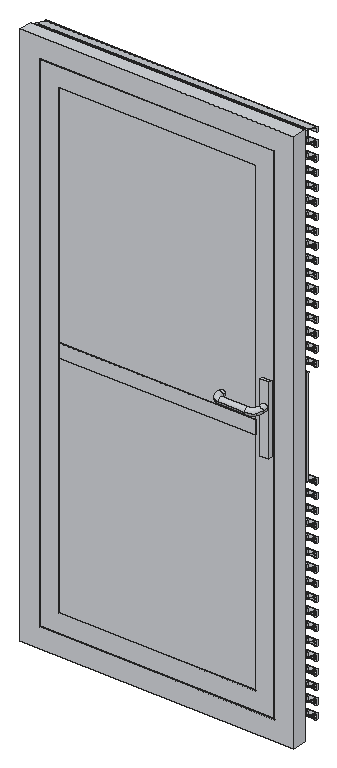
Revit family "NLRS_31_DO_WB_HF58-45 enkele deur-AV_jazo_jazo", category Doors, host Wall, Revit 2020 (continued)
Definition of nested family "NLRS_31_GM_UN_HF58-45 schoep-AV"
  Forms (mm)
    Extrusion 1, solid, material <- "NLRS_C_materiaal", visible <- "NLRS_C_zichtbaar_01"
      sketch origin (0, -15, -13.71) x (0, -1, 0) y (0, 0, -1)
        loop
          arc (-36.2, -25.088) -> (-35.3, -24.188) -> (-36.2, -23.288) r 0.9
          line (-36.2, -23.288) -> (-38.2, -23.288) -> (-38.2, -15.504)
      from -496 to 496
  Dimensions and locks
    equal spacing: plane 5 "Left", plane 3 "Center (Left/Right)", plane 6 "Right"
    "NLRS_C_breedte": plane 5 "Left" to plane 6 "Right"
    "NLRS_C_stelruimte_01": plane 8 "schoep r" to plane 6 "Right"
    "NLRS_C_stelruimte_01": plane 5 "Left" to plane 7 "schoep l"
    locked: plane 9 "achterkant schoep" to plane 11 "voorkant kozijn" at 11
    aligned and locked: level to plane 2 "Bottom"
    aligned and locked: plane 8 "schoep r" to Extrusion 1
    aligned and locked: Extrusion 1 to plane 7 "schoep l"
  Automatic sketch dimensions
    plane 11 "voorkant kozijn" to Extrusion 1 sketch curve = 61 mm
    Extrusion 1 sketch curve to Extrusion 1 sketch curve = 0.741 mm  (x2)
    Extrusion 1 sketch curve to Extrusion 1 sketch curve = 1 mm  (x2)
    Extrusion 1 sketch curve to Extrusion 1 sketch curve = 0.929 mm
    Extrusion 1 sketch curve to Extrusion 1 sketch curve = 0.8 mm
    Extrusion 1 sketch curve to Extrusion 1 sketch curve = 0 mm  (x2)
    Extrusion 1 sketch curve to Extrusion 1 sketch curve = 0.233 mm  (x3)
    Extrusion 1 sketch curve to Extrusion 1 sketch curve = 2 mm
    Extrusion 1 sketch curve to plane 4 "Top" = 0.671 mm
    plane 11 "voorkant kozijn" to Extrusion 1 sketch curve = 19.637 mm
    Extrusion 1 sketch curve to plane 4 "Top" = 2.41 mm
    Extrusion 1 sketch curve to Extrusion 1 sketch curve = 1.366 mm
    Extrusion 1 sketch curve to Extrusion 1 sketch curve = 0.005 mm
    Extrusion 1 sketch curve to plane 4 "Top" = 0.034 mm
    Extrusion 1 sketch curve to Extrusion 1 sketch curve = 0.541 mm
    Extrusion 1 sketch curve to Extrusion 1 sketch curve = 0.259 mm
    Extrusion 1 sketch curve to Extrusion 1 sketch curve = 0.902 mm
    Extrusion 1 sketch curve to Extrusion 1 sketch curve = 1.8 mm  (x3)
    Extrusion 1 sketch curve to Extrusion 1 sketch curve = 3.2 mm  (x2)
    Extrusion 1 sketch curve to Extrusion 1 sketch curve = 1.043 mm
    Extrusion 1 sketch curve to Extrusion 1 sketch curve = 3.961 mm
    Extrusion 1 sketch curve to Extrusion 1 sketch curve = 5.649 mm
    Extrusion 1 sketch curve to Extrusion 1 sketch curve = 1.865 mm
    Extrusion 1 sketch curve to Extrusion 1 sketch curve = 0.553 mm
    Extrusion 1 sketch curve to Extrusion 1 sketch curve = 0.238 mm
    Extrusion 1 sketch curve to Extrusion 1 sketch curve = 0.614 mm
    Extrusion 1 sketch curve to Extrusion 1 sketch curve = 7.719 mm
    Extrusion 1 sketch curve to Extrusion 1 sketch curve = 0.9 mm
    Extrusion 1 sketch curve to Extrusion 1 sketch curve = 7.784 mm
    Extrusion 1 sketch curve to Extrusion 1 sketch curve = 0.548 mm
    Extrusion 1 sketch curve to Extrusion 1 sketch curve = 0.894 mm
    Extrusion 1 sketch curve to plane 4 "Top" = 28.029 mm
Definition of nested family "NLRS_31_GM_UN_HF58-45 scharnier schoep-AV"
  Parameters (values of type "HF58-45 scharnier schoep")
    URL = "www.jazo.com"
    NLRS_C_zichtbaar_01 = yes
    NLRS_C_stelruimte_01 = 4 mm  # constant formula
    NLRS_C_materiaal = none
    NLRS_C_breedte_01 = 40 mm  # constant formula
    NLRS_C_breedte [instance] = 1000 mm
    Model = ""
    Manufacturer = "JAZO Zevenaar bv"
    Description = "HF58-45 scharnier schoep"
    Default Elevation = 0 mm
    Assembly Code = "23.30.60.11.17.11"
  Reference planes
    plane 1 "Center (Front/Back)": y = 0
    plane 2 "Bottom": z = 0
    plane 3 "Center (Left/Right)": x = 0
    plane 4 "Top": z = 48.706
    plane 5 "Left": x = -500
    plane 6 "Right": x = 500
    plane 7 "schoep l": x = -496
    plane 8 "schoep r": x = 496
    plane 9 "scharnier": x = -456
    plane 10 "achterkant schoep": y = -25
    plane 11 "voorkant schoep": y = 25
    plane 12 "voorkant kozijn": y = -36
  Forms (mm)
    Extrusion 1, solid, material <- "NLRS_C_materiaal", visible <- "NLRS_C_zichtbaar_01"
      sketch origin (0, -15, -13.71) x (0, -1, 0) y (0, 0, -1)
        loop
          arc (-38.2, -15.504) -> (-37.199, -14.544) -> (-38.329, -13.741) r 0.9
          line (-38.329, -13.741) -> (-39.259, -13.99)
          arc (-39.259, -13.99) -> (-39.793, -14.347) -> (-40, -14.956) r 1
          line (-40, -14.956) -> (-40, -33.421)
          arc (-40, -33.421) -> (-39.793, -34.03) -> (-39.259, -34.387) r 1
          line (-39.259, -34.387) -> (3.2, -45.764) -> (3.2, -60.374) -> (1.829, -60.006)
          arc (1.829, -60.006) -> (0.727, -60.643) -> (1.363, -61.745) r 0.9
          line (1.363, -61.745) -> (3.741, -62.382)
          arc (3.741, -62.382) -> (4.609, -62.21) -> (5, -61.416) r 1
          line (5, -61.416) -> (5, -56.412) -> (10, -56.412) -> (10, -51.412) -> (8.2, -51.412) -> (8.2, -54.612) -> (5, -54.612) -> (5, -43.109)
          arc (5, -43.109) -> (4.098, -42.413) -> (3.195, -43.109) r 0.933
          line (3.195, -43.109) -> (3.195, -43.899) -> (-38.2, -32.807) -> (-38.2, -25.088) -> (-36.2, -25.088)
          arc (-36.2, -25.088) -> (-35.3, -24.188) -> (-36.2, -23.288) r 0.9
          line (-36.2, -23.288) -> (-38.2, -23.288) -> (-38.2, -15.504)
      from -456 to 496
  Dimensions and locks
    equal spacing: plane 5 "Left", plane 3 "Center (Left/Right)", plane 6 "Right"
    "NLRS_C_breedte": plane 5 "Left" to plane 6 "Right"
    "NLRS_C_breedte_01": plane 7 "schoep l" to plane 9 "scharnier"
    "NLRS_C_stelruimte_01": plane 8 "schoep r" to plane 6 "Right"
    "NLRS_C_stelruimte_01": plane 5 "Left" to plane 7 "schoep l"
    locked: plane 10 "achterkant schoep" to plane 12 "voorkant kozijn" at 11
    aligned and locked: level to plane 2 "Bottom"
    aligned and locked: plane 8 "schoep r" to Extrusion 1
    aligned and locked: Extrusion 1 to plane 9 "scharnier"
  Automatic sketch dimensions
    plane 12 "voorkant kozijn" to Extrusion 1 sketch curve = 61 mm
    Extrusion 1 sketch curve to Extrusion 1 sketch curve = 0.741 mm  (x2)
    level to Extrusion 1 sketch curve = 0.28 mm
    Extrusion 1 sketch curve to Extrusion 1 sketch curve = 1 mm  (x2)
    Extrusion 1 sketch curve to Extrusion 1 sketch curve = 0.929 mm
    Extrusion 1 sketch curve to Extrusion 1 sketch curve = 0.8 mm
    Extrusion 1 sketch curve to Extrusion 1 sketch curve = 0 mm  (x2)
    Extrusion 1 sketch curve to Extrusion 1 sketch curve = 0.233 mm  (x3)
    Extrusion 1 sketch curve to Extrusion 1 sketch curve = 2 mm
    Extrusion 1 sketch curve to plane 4 "Top" = 0.671 mm
    Extrusion 1 sketch curve to Extrusion 1 sketch curve = 40.622 mm
    Extrusion 1 sketch curve to plane 4 "Top" = 2.41 mm
    Extrusion 1 sketch curve to Extrusion 1 sketch curve = 1.366 mm
    Extrusion 1 sketch curve to Extrusion 1 sketch curve = 0.005 mm
    Extrusion 1 sketch curve to plane 4 "Top" = 0.034 mm
    Extrusion 1 sketch curve to Extrusion 1 sketch curve = 0.541 mm
    Extrusion 1 sketch curve to Extrusion 1 sketch curve = 0.259 mm
    Extrusion 1 sketch curve to Extrusion 1 sketch curve = 0.902 mm
    Extrusion 1 sketch curve to plane 4 "Top" = 7.804 mm
    Extrusion 1 sketch curve to Extrusion 1 sketch curve = 1.8 mm  (x3)
    Extrusion 1 sketch curve to Extrusion 1 sketch curve = 3.2 mm  (x2)
    Extrusion 1 sketch curve to Extrusion 1 sketch curve = 1.043 mm
    Extrusion 1 sketch curve to Extrusion 1 sketch curve = 5.649 mm
    Extrusion 1 sketch curve to Extrusion 1 sketch curve = 1.865 mm
    Extrusion 1 sketch curve to Extrusion 1 sketch curve = 0.553 mm
    Extrusion 1 sketch curve to Extrusion 1 sketch curve = 0.79 mm
    Extrusion 1 sketch curve to Extrusion 1 sketch curve = 19.431 mm
    Extrusion 1 sketch curve to Extrusion 1 sketch curve = 0.614 mm
    Extrusion 1 sketch curve to Extrusion 1 sketch curve = 7.719 mm
    Extrusion 1 sketch curve to Extrusion 1 sketch curve = 0.9 mm
    Extrusion 1 sketch curve to Extrusion 1 sketch curve = 0.548 mm
    Extrusion 1 sketch curve to Extrusion 1 sketch curve = 0.894 mm
Definition of nested family "NLRS_31_GM_UN_HF58-45 beslag schoep-AV"
  Parameters (values of type "HF58-45 beslag schoep")
    URL = "www.jazo.com"
    NLRS_C_zichtbaar_01 = yes
    NLRS_C_stelruimte_01 = 4 mm  # constant formula
    NLRS_C_materiaal = none
    NLRS_C_breedte_01 = 275 mm  # constant formula
    NLRS_C_breedte [instance] = 1000 mm
    Model = ""
    Manufacturer = "JAZO Zevenaar bv"
    Description = "HF58-45 beslag schoep"
    Default Elevation = 0 mm
    Assembly Code = "23.30.60.11.17.11"
  Reference planes
    plane 1 "Center (Front/Back)": y = 0
    plane 2 "Bottom": z = 0
    plane 3 "Center (Left/Right)": x = 0
    plane 4 "Top": z = 48.706
    plane 5 "Left": x = -500
    plane 6 "Right": x = 500
    plane 7 "schoep l": x = -496
    plane 8 "schoep r": x = 496
    plane 9 "beslag": x = 221
    plane 10 "achterkant schoep": y = -25
    plane 11 "voorkant schoep": y = 25
    plane 12 "voorkant kozijn": y = -36
  Forms (mm)
    Extrusion 1, solid, material <- "NLRS_C_materiaal", visible <- "NLRS_C_zichtbaar_01"
      sketch origin (0, -15, -7.71) x (0, -1, 0) y (0, 0, -1)
        loop
          arc (-38.2, -9.504) -> (-37.199, -8.544) -> (-38.329, -7.741) r 0.9
          line (-38.329, -7.741) -> (-39.259, -7.99)
          arc (-39.259, -7.99) -> (-39.793, -8.347) -> (-40, -8.956) r 1
          line (-40, -8.956) -> (-40, -27.421)
          arc (-40, -27.421) -> (-39.793, -28.03) -> (-39.259, -28.387) r 1
          line (-39.259, -28.387) -> (3.2, -39.764) -> (3.2, -54.374) -> (1.829, -54.007)
          arc (1.829, -54.007) -> (0.727, -54.643) -> (1.363, -55.745) r 0.9
          line (1.363, -55.745) -> (3.741, -56.382)
          arc (3.741, -56.382) -> (4.609, -56.21) -> (5, -55.417) r 1
          line (5, -55.417) -> (5, -50.413) -> (10, -50.413) -> (10, -45.413) -> (8.2, -45.413) -> (8.2, -48.613) -> (5, -48.613) -> (5, -37.109)
          arc (5, -37.109) -> (4.098, -36.413) -> (3.195, -37.109) r 0.933
          line (3.195, -37.109) -> (3.195, -37.899) -> (-38.2, -26.807) -> (-38.2, -19.089) -> (-36.2, -19.089)
          arc (-36.2, -19.089) -> (-35.3, -18.189) -> (-36.2, -17.289) r 0.9
          line (-36.2, -17.289) -> (-38.2, -17.289) -> (-38.2, -9.504)
      from -496 to 221
  Dimensions and locks
    equal spacing: plane 5 "Left", plane 3 "Center (Left/Right)", plane 6 "Right"
    "NLRS_C_breedte": plane 5 "Left" to plane 6 "Right"
    "NLRS_C_breedte_01": plane 9 "beslag" to plane 8 "schoep r"
    "NLRS_C_stelruimte_01": plane 8 "schoep r" to plane 6 "Right"
    "NLRS_C_stelruimte_01": plane 5 "Left" to plane 7 "schoep l"
    locked: plane 10 "achterkant schoep" to plane 12 "voorkant kozijn" at 11
    aligned and locked: level to plane 2 "Bottom"
    aligned and locked: Extrusion 1 to plane 7 "schoep l"
    aligned and locked: plane 9 "beslag" to Extrusion 1
  Automatic sketch dimensions
    Extrusion 1 sketch curve to plane 11 "voorkant schoep" = 0 mm
    Extrusion 1 sketch curve to plane 10 "achterkant schoep" = 0 mm
    plane 11 "voorkant schoep" to Extrusion 1 sketch curve = 0.741 mm  (x2)
    Extrusion 1 sketch curve to Extrusion 1 sketch curve = 0.259 mm  (x2)
    Extrusion 1 sketch curve to Extrusion 1 sketch curve = 1 mm
    Extrusion 1 sketch curve to Extrusion 1 sketch curve = 0.8 mm  (x2)
    Extrusion 1 sketch curve to Extrusion 1 sketch curve = 2 mm
    Extrusion 1 sketch curve to Extrusion 1 sketch curve = 0.233 mm  (x3)
    plane 10 "achterkant schoep" to Extrusion 1 sketch curve = 8.637 mm
    plane 10 "achterkant schoep" to Extrusion 1 sketch curve = 6.805 mm
    Extrusion 1 sketch curve to Extrusion 1 sketch curve = 0.005 mm
    Extrusion 1 sketch curve to Extrusion 1 sketch curve = 2.378 mm
    Extrusion 1 sketch curve to Extrusion 1 sketch curve = 0.902 mm  (x2)
    Extrusion 1 sketch curve to Extrusion 1 sketch curve = 0 mm
    Extrusion 1 sketch curve to Extrusion 1 sketch curve = 1.8 mm  (x2)
    level to Extrusion 1 sketch curve = 0.031 mm
    Extrusion 1 sketch curve to Extrusion 1 sketch curve = 0.869 mm  (x2)
    Extrusion 1 sketch curve to Extrusion 1 sketch curve = 0.548 mm
    Extrusion 1 sketch curve to Extrusion 1 sketch curve = 0.9 mm
    Extrusion 1 sketch curve to Extrusion 1 sketch curve = 7.719 mm
    Extrusion 1 sketch curve to Extrusion 1 sketch curve = 0.614 mm
    Extrusion 1 sketch curve to Extrusion 1 sketch curve = 0.238 mm
    Extrusion 1 sketch curve to Extrusion 1 sketch curve = 0.79 mm
    Extrusion 1 sketch curve to Extrusion 1 sketch curve = 1.865 mm
    Extrusion 1 sketch curve to Extrusion 1 sketch curve = 5.649 mm
    Extrusion 1 sketch curve to Extrusion 1 sketch curve = 3.2 mm
    Extrusion 1 sketch curve to Extrusion 1 sketch curve = 4.463 mm
    Extrusion 1 sketch curve to Extrusion 1 sketch curve = 0.541 mm
    Extrusion 1 sketch curve to Extrusion 1 sketch curve = 0.367 mm
    Extrusion 1 sketch curve to Extrusion 1 sketch curve = 0.929 mm
    Extrusion 1 sketch curve to Extrusion 1 sketch curve = 7.784 mm
    Extrusion 1 sketch curve to plane 4 "Top" = 19.308 mm
Definition of nested family "NLRS_31_GM_UN_beslagbak HF58-45-AV"
  Parameters (values of type "beslagbak HF58-45")
    URL = "www.jazo.com"
    NLRS_C_diepte_01 = 50 mm
    NLRS_C_afstand = if(JAZO_C_enkele deur, 95 mm, if(JAZO_C_dubbele deur, 56 mm, 56 mm))  # 95 mm
    Model = ""
    Manufacturer = "JAZO Zevenaar bv"
    JAZO_C_opbouwrooster HF58 45 = yes
    JAZO_C_materiaal schoep = none
    JAZO_C_materiaal beslag = none
    JAZO_C_enkele deur = yes
    JAZO_C_dubbele deur = no
    Description = "Beslagbak HF58-45"
    Default Elevation = 0 mm
    Assembly Code = "23.30.40.31"
  Reference planes
    plane 1 "Center (Front/Back)": y = 0
    plane 2 "Bottom": z = 0
    plane 3 "Center (Left/Right)": x = 0
    plane 4 "Tussen": x = -179.999
    plane 5 "Right": x = 95
    plane 6 "Left": x = -240
    plane 7 "center hs42r": z = 280
    plane 8 "knop-kruk": x = 0
    plane 9 "stelruimte belsagbak": x = 99
    plane 10 "voorkant kozijn": y = -11
  Dimensions and locks
    plane 4 "Tussen" to plane 3 "Center (Left/Right)" = 179.999 mm
    plane 3 "Center (Left/Right)" to plane 5 "Right" = 95 mm
    plane 4 "Tussen" to plane 5 "Right" = 274.999 mm
    plane 6 "Left" to plane 4 "Tussen" = 60.001 mm
    "NLRS_C_afstand": plane 5 "Right" to plane 8 "knop-kruk"
    locked: plane 5 "Right" to plane 9 "stelruimte belsagbak" at 4
    locked: plane 10 "voorkant kozijn" to plane 1 "Center (Front/Back)" at 11
    aligned and locked: level to plane 2 "Bottom"
    aligned and locked: plane 7 "center hs42r" to nested 1
    aligned and locked: plane 8 "knop-kruk" to nested 1
    aligned and locked: plane 5 "Right" to nested 2
    aligned and locked: plane 1 "Center (Front/Back)" to nested 2
  Nested families
    nested 1: "NLRS_31_GM_UN_beslag opbouwrooster-AV" at (0, -11, 117), visible <- "JAZO_C_opbouwrooster HF58 45", type "beslag opbouwrooster"
    nested 2: "NLRS_31_GM_UN_beslagbak los HF58-45-AV" at (0, 0, 0), type "beslagbak HF58-45"
  Definition of nested family "NLRS_31_GM_UN_beslag opbouwrooster-AV"
    Parameters (values of type "beslag opbouwrooster")
      URL = "www.jazo.com"
      NLRS_C_materiaal = none
      NLRS_C_diepte_01 = 50 mm
      Model = ""
      Manufacturer = "Jazo Zevenaar bv"
      Description = "Beslag opbouwrooster"
      Default Elevation = 0 mm
      Assembly Code = "23.30.40.31"
    Reference planes
      plane 1 "Center (Front/Back)": y = 0
      plane 2 "Bottom": z = 0
      plane 3 "Center (Left/Right)": x = 0
      plane 4 "kruk": z = 163
      plane 5 "cilinder": z = 71.5
      plane 6 "achterkant kozijn": y = -50
      plane 7 "start beslag": y = 15
    Forms (mm)
      Extrusion 1, solid, material <- "NLRS_C_materiaal"
        sketch origin (0, 37, 0) x (1, 0, 0) y (0, 1, 0)
          loop
            line (-16, -10) -> (-16, -22) -> (16, -22) -> (16, -10) -> (-16, -10)
        from 0 to 251
      Extrusion 2, solid, material <- "NLRS_C_materiaal"
        sketch origin (0, 0, 0) x (1, 0, 0) y (0, 0, -1)
          loop
            circle (0, -163) r 11
        from 27 to 57
      Extrusion 3, solid, material <- "NLRS_C_materiaal"
        sketch origin (0, 0, 0) x (1, 0, 0) y (0, 0, -1)
          loop
            circle (0, -163) r 25
        from 57 to 73
      Sweep 4, solid, material <- "NLRS_C_materiaal"
        path origin (0, -4, 0) x (1, 0, 0) y (0, 1, 0)
          loop
            line (0, -58) -> (0, -80)
            arc (0, -80) -> (-7.249, -97.5) -> (-24.749, -104.749) r 24.749
            line (-24.749, -104.749) -> (-120.749, -104.749)
            arc (-120.749, -104.749) -> (-138.249, -97.5) -> (-145.497, -80) r 24.749
            line (-145.497, -80) -> (-145.497, -69)
        profile origin (0, -73, 0) x (1, 0, 0) y (0, 0, 1)
          loop
            circle (0, 163) r 11
      Extrusion 5, solid, material <- "NLRS_C_materiaal"
        sketch origin (0, -37, 0) x (1, 0, 0) y (0, 1, 0)
          loop
            line (-16, -25) -> (16, -25) -> (16, -13) -> (-16, -13) -> (-16, -25)
        from 0 to 251
    Dimensions and locks
      locked: plane 4 "kruk" to plane 2 "Bottom" at 163
      locked: plane 5 "cilinder" to plane 2 "Bottom" at 71.5
      locked: plane 7 "start beslag" to Extrusion 2 at 12
      locked: plane 7 "start beslag" to Extrusion 3 at 42
      locked: Extrusion 3 to plane 7 "start beslag" at 58
      locked: plane 1 "Center (Front/Back)" to plane 7 "start beslag" at 15
      "NLRS_C_diepte_01": plane 6 "achterkant kozijn" to plane 1 "Center (Front/Back)"
      aligned and locked: level to plane 2 "Bottom"
      aligned and locked: Extrusion 1 to plane 7 "start beslag"
      aligned and locked: Extrusion 2 to Extrusion 3
      aligned and locked: Extrusion 2 to Extrusion 1
    Automatic sketch dimensions
      Extrusion 1 sketch curve to plane 7 "start beslag" = 0 mm
      Extrusion 1 sketch curve to plane 3 "Center (Left/Right)" = 16 mm
      plane 3 "Center (Left/Right)" to Extrusion 1 sketch curve = 16 mm
      plane 7 "start beslag" to Extrusion 1 sketch curve = 12 mm
      Extrusion 2 sketch curve to plane 3 "Center (Left/Right)" = 0 mm
      Extrusion 2 sketch curve to plane 4 "kruk" = 0 mm
      Extrusion 3 sketch curve to plane 3 "Center (Left/Right)" = 0 mm
      Extrusion 3 sketch curve to plane 4 "kruk" = 0 mm
      Sweep 4 sketch curve to plane 3 "Center (Left/Right)" = 0 mm
      Sweep 4 sketch curve to plane 3 "Center (Left/Right)" = 24.749 mm
      Sweep 4 sketch curve to plane 6 "achterkant kozijn" = 58.749 mm
      Sweep 4 sketch curve to Sweep 4 sketch curve = 96 mm
      Sweep 4 sketch curve to Sweep 4 sketch curve = 24.749 mm
      Sweep 4 sketch curve to Sweep 4 sketch curve = 11 mm
      Sweep 4 sketch curve to plane 6 "achterkant kozijn" = 12 mm
      profile plane to Sweep 4 sketch curve = 0 mm
      profile plane to Sweep 4 sketch curve = 163 mm
      Extrusion 5 sketch curve to plane 6 "achterkant kozijn" = 0 mm
      Extrusion 5 sketch curve to plane 3 "Center (Left/Right)" = 16 mm
      plane 3 "Center (Left/Right)" to Extrusion 5 sketch curve = 16 mm
      Extrusion 5 sketch curve to Extrusion 5 sketch curve = 12 mm
      radius of Extrusion 2 sketch curve = 11 mm
      radius of Extrusion 3 sketch curve = 25 mm
      radius of Sweep 4 sketch curve = 11 mm
  Definition of nested family "NLRS_31_GM_UN_beslagbak los HF58-45-AV"
    Parameters (values of type "beslagbak HF58-45")
      URL = "www.jazo.com"
      NLRS_C_materiaal = none
      Model = ""
      Manufacturer = "JAZO Zevenaar bv"
      Description = "Beslagbak HF58-45"
      Default Elevation = 0 mm
      Assembly Code = "23.30.4031"
    Reference planes
      plane 1 "Center (Front/Back)": y = 0
      plane 2 "Bottom": z = 0
      plane 3 "Center (Left/Right)": x = 0
      plane 4 "Tussen": x = -180
      plane 5 "Right": x = 95
      plane 6 "Left": x = -240
      plane 7 "mid": x = -212
    Forms (mm)
      Extrusion 1, solid, material <- "NLRS_C_materiaal"
        sketch origin (0, 0, 67.049) x (0, 1, 0) y (0, 0, 1)
          loop
            line (1.8, 326.548) -> (1.8, -27.789) -> (48.2, -40.222) -> (48.2, -47.941) -> (46.2, -47.941)
            arc (46.2, -47.941) -> (45.3, -48.841) -> (46.2, -49.741) r 0.9
            line (46.2, -49.741) -> (48.2, -49.741) -> (48.2, -57.525)
            arc (48.2, -57.525) -> (47.199, -58.485) -> (48.329, -59.289) r 0.9
            line (48.329, -59.289) -> (49.259, -59.04)
            arc (49.259, -59.04) -> (49.793, -58.683) -> (50, -58.074) r 1
            line (50, -58.074) -> (50, -39.608)
            arc (50, -39.608) -> (49.793, -39) -> (49.259, -38.643) r 1
            line (49.259, -38.643) -> (4, -26.515) -> (4, 324.095) -> (8.171, 322.977)
            arc (8.171, 322.977) -> (9.273, 323.613) -> (8.637, 324.716) r 0.9
            line (8.637, 324.716) -> (1.8, 326.548)
        from 95 to -180
      Extrusion 2, solid, material <- "NLRS_C_materiaal"
        sketch origin (0, 1.8, 0) x (1, 0, 0) y (0, 1, 0)
          loop
            line (-240, 0) -> (-240, -9)
            arc (-240, -9) -> (-239.414, -10.414) -> (-238, -11) r 2
            line (-238, -11) -> (-212, -11)
            arc (-212, -11) -> (-210.586, -10.414) -> (-210, -9) r 2
            line (-210, -9) -> (-210, -2.014)
            arc (-210, -2.014) -> (-209.41, -0.59) -> (-207.986, 0) r 2.014
            line (-207.986, 0) -> (-180, 0) -> (-180, 2.2) -> (-207.786, 2.2)
            arc (-207.786, 2.2) -> (-210.766, 0.966) -> (-212, -2.014) r 4.214
            line (-212, -2.014) -> (-212, -9) -> (-238, -9) -> (-238, 0) -> (-240, 0)
        from 391.144 to 39.26
      Extrusion 3, void
        sketch origin (0, 0, 0) x (0, 1, 0) y (0, 0, 1)
          loop
            line (-0.5, 386.932) -> (-0.5, 380.932) -> (1.8, 380.932) -> (1.8, 384.132) -> (5, 384.132) -> (5, 386.932) -> (-0.5, 386.932)
        from -180 to -240.5
      Extrusion 4, void
        sketch origin (0, 0, -48) x (0, 1, 0) y (0, 0, 1)
          loop
            line (-0.5, 386.932) -> (-0.5, 380.932) -> (1.8, 380.932) -> (1.8, 384.132) -> (5, 384.132) -> (5, 386.932) -> (-0.5, 386.932)
        from -180 to -240.5
      Extrusion 5, void
        sketch origin (0, 0, -96) x (0, 1, 0) y (0, 0, 1)
          loop
            line (-0.5, 386.932) -> (-0.5, 380.932) -> (1.8, 380.932) -> (1.8, 384.132) -> (5, 384.132) -> (5, 386.932) -> (-0.5, 386.932)
        from -180 to -240.5
      Extrusion 6, void
        sketch origin (0, 0, -144) x (0, 1, 0) y (0, 0, 1)
          loop
            line (-0.5, 386.932) -> (-0.5, 380.932) -> (1.8, 380.932) -> (1.8, 384.132) -> (5, 384.132) -> (5, 386.932) -> (-0.5, 386.932)
        from -180 to -240.5
      Extrusion 7, void
        sketch origin (0, 0, -192) x (0, 1, 0) y (0, 0, 1)
          loop
            line (-0.5, 386.932) -> (-0.5, 380.932) -> (1.8, 380.932) -> (1.8, 384.132) -> (5, 384.132) -> (5, 386.932) -> (-0.5, 386.932)
        from -180 to -240.5
      Extrusion 8, void
        sketch origin (0, 0, -240) x (0, 1, 0) y (0, 0, 1)
          loop
            line (-0.5, 386.932) -> (-0.5, 380.932) -> (1.8, 380.932) -> (1.8, 384.132) -> (5, 384.132) -> (5, 386.932) -> (-0.5, 386.932)
        from -180 to -240.5
      Extrusion 9, void
        sketch origin (0, 0, -288) x (0, 1, 0) y (0, 0, 1)
          loop
            line (-0.5, 386.932) -> (-0.5, 380.932) -> (1.8, 380.932) -> (1.8, 384.132) -> (5, 384.132) -> (5, 386.932) -> (-0.5, 386.932)
        from -180 to -240.5
      Extrusion 10, void
        sketch origin (0, 0, -336) x (0, 1, 0) y (0, 0, 1)
          loop
            line (-0.5, 386.932) -> (-0.5, 380.932) -> (1.8, 380.932) -> (1.8, 384.132) -> (5, 384.132) -> (5, 386.932) -> (-0.5, 386.932)
        from -180 to -240.5
      Extrusion 11, solid, material <- "NLRS_C_materiaal"
        sketch origin (-333, 0, 67.049) x (0, 1, 0) y (0, 0, 1)
          loop
            line (1.8, 317.083) -> (1.8, 269.083) -> (1.8, 221.083) -> (1.8, 173.083) -> (1.8, 125.083) -> (1.8, 77.083) -> (1.8, 29.083) -> (1.8, -16.117) -> (1.8, -27.789) -> (4.5, -28.513) -> (4.5, -16.117) -> (4.5, -11.613)
            arc (4.5, -11.613) -> (5.087, -10.423) -> (6.388, -10.164) r 1.5
            line (6.388, -10.164) -> (8.766, -10.801)
            arc (8.766, -10.801) -> (9.616, -11.454) -> (9.756, -12.516) r 1.4
            line (9.756, -12.516) -> (47.7, -9.076) -> (47.7, -2.241) -> (46.2, -2.241)
            arc (46.2, -2.241) -> (44.8, -0.841) -> (46.2, 0.559) r 1.4
            line (46.2, 0.559) -> (47.7, 0.559) -> (47.7, 7.394) -> (7.332, 18.211)
            arc (7.332, 18.211) -> (5.998, 16.887) -> (4.5, 18.022) r 1.433
            line (4.5, 18.022) -> (4.5, 31.883) -> (4.5, 36.387)
            arc (4.5, 36.387) -> (5.087, 37.577) -> (6.388, 37.836) r 1.5
            line (6.388, 37.836) -> (8.766, 37.199)
            arc (8.766, 37.199) -> (9.616, 36.546) -> (9.756, 35.484) r 1.4
            line (9.756, 35.484) -> (47.7, 38.924) -> (47.7, 45.759) -> (46.2, 45.759)
            arc (46.2, 45.759) -> (44.8, 47.159) -> (46.2, 48.559) r 1.4
            line (46.2, 48.559) -> (47.7, 48.559) -> (47.7, 55.394) -> (7.332, 66.211)
            arc (7.332, 66.211) -> (5.998, 64.887) -> (4.5, 66.022) r 1.433
            line (4.5, 66.022) -> (4.5, 79.883) -> (4.5, 84.387)
            arc (4.5, 84.387) -> (5.087, 85.577) -> (6.388, 85.836) r 1.5
            line (6.388, 85.836) -> (8.766, 85.199)
            arc (8.766, 85.199) -> (9.616, 84.546) -> (9.756, 83.484) r 1.4
            line (9.756, 83.484) -> (47.7, 86.924) -> (47.7, 93.759) -> (46.2, 93.759)
            arc (46.2, 93.759) -> (44.8, 95.159) -> (46.2, 96.559) r 1.4
            line (46.2, 96.559) -> (47.7, 96.559) -> (47.7, 103.394) -> (7.332, 114.211)
            arc (7.332, 114.211) -> (5.998, 112.887) -> (4.5, 114.022) r 1.433
            line (4.5, 114.022) -> (4.5, 127.883) -> (4.5, 132.387)
            arc (4.5, 132.387) -> (5.087, 133.577) -> (6.388, 133.836) r 1.5
            line (6.388, 133.836) -> (8.766, 133.199)
            arc (8.766, 133.199) -> (9.616, 132.546) -> (9.756, 131.484) r 1.4
            line (9.756, 131.484) -> (47.7, 134.924) -> (47.7, 141.759) -> (46.2, 141.759)
            arc (46.2, 141.759) -> (44.8, 143.159) -> (46.2, 144.559) r 1.4
            line (46.2, 144.559) -> (47.7, 144.559) -> (47.7, 151.394) -> (7.332, 162.211)
            arc (7.332, 162.211) -> (5.998, 160.887) -> (4.5, 162.022) r 1.433
            line (4.5, 162.022) -> (4.5, 173.083) -> (4.5, 180.387)
            arc (4.5, 180.387) -> (5.087, 181.577) -> (6.388, 181.836) r 1.5
            line (6.388, 181.836) -> (8.766, 181.199)
            arc (8.766, 181.199) -> (9.616, 180.546) -> (9.756, 179.484) r 1.4
            line (9.756, 179.484) -> (47.7, 182.924) -> (47.7, 189.759) -> (46.2, 189.759)
            arc (46.2, 189.759) -> (44.8, 191.159) -> (46.2, 192.559) r 1.4
            line (46.2, 192.559) -> (47.7, 192.559) -> (47.7, 199.394) -> (7.332, 210.211)
            arc (7.332, 210.211) -> (5.998, 208.887) -> (4.5, 210.022) r 1.433
            line (4.5, 210.022) -> (4.5, 223.883) -> (4.5, 228.387)
            arc (4.5, 228.387) -> (5.087, 229.577) -> (6.388, 229.836) r 1.5
            line (6.388, 229.836) -> (8.766, 229.199)
            arc (8.766, 229.199) -> (9.616, 228.546) -> (9.756, 227.484) r 1.4
            line (9.756, 227.484) -> (47.7, 230.924) -> (47.7, 237.759) -> (46.2, 237.759)
            arc (46.2, 237.759) -> (44.8, 239.159) -> (46.2, 240.559) r 1.4
            line (46.2, 240.559) -> (47.7, 240.559) -> (47.7, 247.394) -> (7.332, 258.211)
            arc (7.332, 258.211) -> (5.998, 256.887) -> (4.5, 258.022) r 1.433
            line (4.5, 258.022) -> (4.5, 271.883) -> (4.5, 276.387)
            arc (4.5, 276.387) -> (5.087, 277.577) -> (6.388, 277.836) r 1.5
            line (6.388, 277.836) -> (8.766, 277.199)
            arc (8.766, 277.199) -> (9.616, 276.546) -> (9.756, 275.484) r 1.4
            line (9.756, 275.484) -> (47.7, 278.924) -> (47.7, 285.759) -> (46.2, 285.759)
            arc (46.2, 285.759) -> (44.8, 287.159) -> (46.2, 288.559) r 1.4
            line (46.2, 288.559) -> (47.7, 288.559) -> (47.7, 295.394) -> (7.332, 306.211)
            arc (7.332, 306.211) -> (5.998, 304.887) -> (4.5, 306.022) r 1.433
            line (4.5, 306.022) -> (4.5, 317.083) -> (1.8, 317.083)
        from 95 to 93
    Cuts and joins
      Extrusion 3, Extrusion 4, Extrusion 5, Extrusion 6, Extrusion 7, Extrusion 8, Extrusion 9, Extrusion 10 cuts Extrusion 1
      Extrusion 3, Extrusion 4, Extrusion 5, Extrusion 6, Extrusion 7, Extrusion 8, Extrusion 9, Extrusion 10 cuts Extrusion 2
      joined: Extrusion 1, Extrusion 2, Extrusion 11
    Dimensions and locks
      plane 4 "Tussen" to plane 3 "Center (Left/Right)" = 180 mm
      plane 3 "Center (Left/Right)" to plane 5 "Right" = 95 mm
      plane 4 "Tussen" to plane 5 "Right" = 275 mm
      plane 6 "Left" to plane 4 "Tussen" = 60 mm
      locked: plane 7 "mid" to plane 4 "Tussen" at 32
      equal spacing: group 1, group 2, group 3, group 4, group 5, group 6, group 7, group 8  (x2)
      equal spacing: group 8, group 7, group 6, group 5, group 4, group 3, group 2, group 1
      aligned and locked: level to plane 2 "Bottom"
      aligned and locked: Extrusion 1 to plane 5 "Right"
      aligned and locked: Extrusion 1 to plane 4 "Tussen"
    Automatic sketch dimensions
      Extrusion 1 sketch curve to plane 1 "Center (Front/Back)" = 8.404 mm
      Extrusion 1 sketch curve to Extrusion 1 sketch curve = 0.233 mm  (x3)
      level to Extrusion 1 sketch curve = 390.896 mm
      Extrusion 1 sketch curve to Extrusion 1 sketch curve = 0.869 mm
      Extrusion 1 sketch curve to plane 1 "Center (Front/Back)" = 1.8 mm
      Extrusion 1 sketch curve to Extrusion 1 sketch curve = 1.832 mm
      Extrusion 1 sketch curve to Extrusion 1 sketch curve = 2.453 mm
      level to Extrusion 1 sketch curve = 39.26 mm
      level to Extrusion 1 sketch curve = 26.827 mm
      Extrusion 1 sketch curve to Extrusion 1 sketch curve = 1.059 mm
      Extrusion 1 sketch curve to Extrusion 1 sketch curve = 1.58 mm
      Extrusion 1 sketch curve to Extrusion 1 sketch curve = 0.259 mm  (x2)
      Extrusion 1 sketch curve to Extrusion 1 sketch curve = 0.966 mm
      Extrusion 1 sketch curve to Extrusion 1 sketch curve = 7.719 mm
      Extrusion 1 sketch curve to Extrusion 1 sketch curve = 1 mm
      Extrusion 1 sketch curve to Extrusion 1 sketch curve = 1.8 mm
      Extrusion 1 sketch curve to Extrusion 1 sketch curve = 2 mm  (x2)
      Extrusion 1 sketch curve to Extrusion 1 sketch curve = 2.2 mm
      Extrusion 1 sketch curve to Extrusion 1 sketch curve = 1.274 mm
      Extrusion 3 sketch curve to Extrusion 3 sketch curve = 3.2 mm  (x2)
      Extrusion 3 sketch curve to Extrusion 3 sketch curve = 2.8 mm
      Extrusion 3 sketch curve to Extrusion 3 sketch curve = 2.3 mm
      Extrusion 4 sketch curve to Extrusion 4 sketch curve = 3.2 mm  (x2)
      Extrusion 4 sketch curve to Extrusion 4 sketch curve = 2.8 mm
      Extrusion 4 sketch curve to Extrusion 4 sketch curve = 2.3 mm
      Extrusion 5 sketch curve to Extrusion 5 sketch curve = 3.2 mm  (x2)
      Extrusion 5 sketch curve to Extrusion 5 sketch curve = 2.8 mm
      Extrusion 5 sketch curve to Extrusion 5 sketch curve = 2.3 mm
      Extrusion 6 sketch curve to Extrusion 6 sketch curve = 3.2 mm  (x2)
      Extrusion 6 sketch curve to Extrusion 6 sketch curve = 2.8 mm
      Extrusion 6 sketch curve to Extrusion 6 sketch curve = 2.3 mm
      Extrusion 7 sketch curve to Extrusion 7 sketch curve = 3.2 mm  (x2)
      Extrusion 7 sketch curve to Extrusion 7 sketch curve = 2.8 mm
      Extrusion 7 sketch curve to Extrusion 7 sketch curve = 2.3 mm
      Extrusion 8 sketch curve to Extrusion 8 sketch curve = 3.2 mm  (x2)
      Extrusion 8 sketch curve to Extrusion 8 sketch curve = 2.8 mm
      Extrusion 8 sketch curve to Extrusion 8 sketch curve = 2.3 mm
      Extrusion 9 sketch curve to Extrusion 9 sketch curve = 3.2 mm  (x2)
      Extrusion 9 sketch curve to Extrusion 9 sketch curve = 2.8 mm
      Extrusion 9 sketch curve to Extrusion 9 sketch curve = 2.3 mm
      Extrusion 10 sketch curve to Extrusion 10 sketch curve = 3.2 mm  (x2)
      Extrusion 10 sketch curve to Extrusion 10 sketch curve = 2.8 mm
      Extrusion 10 sketch curve to Extrusion 10 sketch curve = 2.3 mm
      Extrusion 2 sketch curve to plane 6 "Left" = 0 mm
      Extrusion 2 sketch curve to plane 7 "mid" = 0 mm  (x2)
      Extrusion 2 sketch curve to plane 4 "Tussen" = 0 mm
      Extrusion 2 sketch curve to Extrusion 2 sketch curve = 2 mm  (x3)
      plane 1 "Center (Front/Back)" to Extrusion 2 sketch curve = 0.214 mm
      Extrusion 2 sketch curve to plane 1 "Center (Front/Back)" = 1.8 mm  (x2)
      Extrusion 2 sketch curve to Extrusion 2 sketch curve = 0.2 mm
      plane 1 "Center (Front/Back)" to Extrusion 2 sketch curve = 7.2 mm
      Extrusion 2 sketch curve to Extrusion 2 sketch curve = 0 mm  (x2)
      Extrusion 1 sketch curve to Extrusion 1 sketch curve = 0.548 mm
      Extrusion 1 sketch curve to plane 1 "Center (Front/Back)" = 46.2 mm
      Extrusion 1 sketch curve to Extrusion 1 sketch curve = 0.104 mm
      Extrusion 1 sketch curve to Extrusion 1 sketch curve = 0.894 mm
      level to Extrusion 1 sketch curve = 7.761 mm
      Extrusion 11 sketch curve to plane 1 "Center (Front/Back)" = 1.8 mm
      Extrusion 11 sketch curve to plane 1 "Center (Front/Back)" = 4.5 mm
      Extrusion 11 sketch curve to Extrusion 11 sketch curve = 2.7 mm  (x7)
      Extrusion 11 sketch curve to Extrusion 11 sketch curve = 1.402 mm  (x7)
      Extrusion 11 sketch curve to Extrusion 11 sketch curve = 1.5 mm  (x21)
      Extrusion 11 sketch curve to Extrusion 11 sketch curve = 0.388 mm  (x7)
      Extrusion 11 sketch curve to Extrusion 11 sketch curve = 1.429 mm  (x7)
      Extrusion 11 sketch curve to Extrusion 11 sketch curve = 2.404 mm  (x7)
      Extrusion 11 sketch curve to Extrusion 11 sketch curve = 0.362 mm  (x14)
      Extrusion 11 sketch curve to Extrusion 11 sketch curve = 1.352 mm  (x7)
      Extrusion 11 sketch curve to Extrusion 11 sketch curve = 36.444 mm  (x6)
      level to Extrusion 11 sketch curve = 38.536 mm
      Extrusion 11 sketch curve to Extrusion 11 sketch curve = 0.723 mm
      Extrusion 11 sketch curve to Extrusion 11 sketch curve = 11.673 mm
      Extrusion 11 sketch curve to Extrusion 11 sketch curve = 0 mm  (x2)
      Extrusion 11 sketch curve to Extrusion 11 sketch curve = 3.601 mm  (x6)
      Extrusion 11 sketch curve to Extrusion 11 sketch curve = 0.541 mm  (x7)
      Extrusion 11 sketch curve to Extrusion 11 sketch curve = 3.44 mm
      Extrusion 11 sketch curve to Extrusion 11 sketch curve = 6.835 mm  (x14)
      Extrusion 11 sketch curve to Extrusion 11 sketch curve = 1.4 mm  (x7)
      Extrusion 11 sketch curve to Extrusion 11 sketch curve = 28.186 mm  (x7)
      Extrusion 11 sketch curve to Extrusion 11 sketch curve = 0.189 mm  (x7)
      Extrusion 11 sketch curve to Extrusion 11 sketch curve = 11.061 mm  (x7)
      Extrusion 11 sketch curve to Extrusion 11 sketch curve = 2.8 mm  (x5)
      Extrusion 11 sketch curve to Extrusion 11 sketch curve = 31.53 mm  (x6)
      Extrusion 11 sketch curve to Extrusion 11 sketch curve = 6.401 mm
      Extrusion 11 sketch curve to Extrusion 11 sketch curve = 1.449 mm
Definition of nested family "NLRS_31_GM_UN_aluminium kozijn-AV"
  Parameters (values of type "aluminium kozijn")
    URL = "www.jazo.com"
    NLRS_C_zichtbaar_01 = no
    NLRS_C_materiaal = none
    NLRS_C_hoogte = 2000 mm
    NLRS_C_diepte = 50 mm
    NLRS_C_breedte = 1000 mm
    Model = "Aluminium kozijn"
    Manufacturer = "JAZO Zevenaar bv"
    Description = "Aluminium kozijn"
    Default Elevation = 0 mm
    Assembly Code = "23.30.10.11.11"
  Reference planes
    plane 1 "Center (Front/Back)": y = 0
    plane 2 "Bottom": z = 0
    plane 3 "Center (Left/Right)": x = 0
    plane 4 "Left": x = -500
    plane 5 "Right": x = 500
    plane 6 "Top": z = 2000
    plane 7 "voorkant kozijn": y = 25
    plane 8 "offset": y = 0
    plane 9 "achterkant kozijn": y = -25
    plane 10 "offset links 1": x = -480
    plane 11 "offset boven": z = 1980
    plane 12 "offset rechts 1": x = 480
    plane 13 "offset links 2": x = -448
    plane 14 "offset rechts 2": x = 448
  Forms (mm)
    Sweep 1, solid, material <- "NLRS_C_materiaal", visible <- "NLRS_C_zichtbaar_01"
      path origin (0, 0, 0) x (1, 0, 0) y (0, 0, 1)
        loop
          line (-500, 0) -> (500, 0) -> (500, 2000) -> (-500, 2000) -> (-500, 0)
      profile origin (0, 0, 0) x (0, 0, 1) y (0, -1, 0)
        loop
          line (0, 30) -> (0, -30) -> (20, -30) -> (20, 4.5) -> (52, 4.5) -> (52, 30) -> (0, 30)
    Sweep 2, solid, material <- "NLRS_C_materiaal", visible <- "NLRS_C_zichtbaar_01"
      path origin (0, 0, 0) x (1, 0, 0) y (0, 0, 1)
        loop
          line (-480, 1980) -> (480, 1980)
      profile origin (0, 0, 1980) x (0, 0, 1) y (0, -1, 0)
        loop
          line (0, 4.5) -> (-2, 4.5) -> (-2, -30) -> (-4.657, -39.654)
          arc (-4.657, -39.654) -> (-5.372, -40.723) -> (-6.589, -41.137) r 2
          line (-6.589, -41.137) -> (-13.04, -41.137) -> (-13.04, -43.137) -> (-6.589, -43.137)
          arc (-6.589, -43.137) -> (-4.154, -42.31) -> (-2.726, -40.172) r 4
          line (-2.726, -40.172) -> (0, -30) -> (0, 4.5)
  Lines and regions (mm)
    symbolic lines, visible <- "NLRS_C_zichtbaar_01"
      curve 1: line (-448, -25, 0) -> (448, -25, 0)
      curve 2: line (-480, 25, 0) -> (480, 25, 0)
      curve 3: line (0, 25, 1980) -> (0, 25, 20)
      curve 4: line (0, -25, 52) -> (0, -25, 1948)
      curve 5: line (-448, -4.5, 0) -> (448, -4.5, 0)
  Dimensions and locks
    "NLRS_C_hoogte": plane 6 "Top" to plane 2 "Bottom"
    "NLRS_C_breedte": plane 4 "Left" to plane 5 "Right"
    equal spacing: plane 4 "Left", plane 3 "Center (Left/Right)", plane 5 "Right"
    "NLRS_C_diepte": plane 7 "voorkant kozijn" to plane 9 "achterkant kozijn"
    equal spacing: plane 7 "voorkant kozijn", plane 1 "Center (Front/Back)", plane 9 "achterkant kozijn"
    locked: plane 4 "Left" to plane 10 "offset links 1" at 20
    locked: plane 6 "Top" to plane 11 "offset boven" at 20
    plane 12 "offset rechts 1" to plane 5 "Right" = 20 mm
    locked: plane 10 "offset links 1" to plane 13 "offset links 2" at 32
    locked: plane 14 "offset rechts 2" to plane 12 "offset rechts 1" at 32
    aligned and locked: level to plane 2 "Bottom"
    aligned and locked: plane 9 "achterkant kozijn" to nested 3
    aligned and locked: nested 4 to plane 9 "achterkant kozijn"
    aligned and locked: nested 1 to plane 9 "achterkant kozijn"
    aligned and locked: plane 9 "achterkant kozijn" to nested 2
    aligned and locked: Sweep 1 sketch curve to plane 6 "Top"
    aligned and locked: plane 5 "Right" to Sweep 1 sketch curve
    aligned and locked: Sweep 1 sketch curve to plane 4 "Left"
    aligned and locked: level to Sweep 1 sketch curve
    aligned and locked: plane 5 "Right" to nested 2
    aligned and locked: plane 4 "Left" to nested 1
    aligned and locked: plane 6 "Top" to nested 3
    aligned and locked: plane 2 "Bottom" to nested 4
    aligned and locked: Sweep 2 sketch curve to plane 11 "offset boven"
    aligned and locked: plane 12 "offset rechts 1" to Sweep 2 sketch curve
    aligned and locked: plane 10 "offset links 1" to Sweep 2 sketch curve
    aligned and locked: curve 1 to plane 9 "achterkant kozijn"
    aligned and locked: curve 2 to plane 7 "voorkant kozijn"
    aligned and locked: plane 11 "offset boven" to Sweep 2
    aligned and locked: plane 7 "voorkant kozijn" to curve 3
    aligned and locked: curve 4 to plane 9 "achterkant kozijn"
  Automatic sketch dimensions
    Sweep 1 sketch curve to profile plane = 0 mm
    plane 1 "Center (Front/Back)" to Sweep 1 sketch curve = 4.5 mm
    Sweep 1 sketch curve to Sweep 1 sketch curve = 20 mm
    Sweep 1 sketch curve to Sweep 1 sketch curve = 32 mm
    Sweep 1 sketch curve to plane 1 "Center (Front/Back)" = 30 mm
    plane 1 "Center (Front/Back)" to Sweep 1 sketch curve = 30 mm
    Sweep 2 sketch curve to Sweep 2 sketch curve = 0 mm  (x3)
    profile plane to Sweep 2 sketch curve = 0 mm
    profile plane to Sweep 2 sketch curve = 2 mm
    profile plane to Sweep 2 sketch curve = 2.726 mm
    Sweep 2 sketch curve to Sweep 2 sketch curve = 1.932 mm  (x2)
    Sweep 2 sketch curve to Sweep 2 sketch curve = 6.451 mm
    Sweep 2 sketch curve to plane 1 "Center (Front/Back)" = 43.137 mm
    Sweep 2 sketch curve to Sweep 2 sketch curve = 2 mm
    Sweep 2 sketch curve to Sweep 2 sketch curve = 0.965 mm
    Sweep 2 sketch curve to Sweep 2 sketch curve = 10.172 mm
    plane 1 "Center (Front/Back)" to Sweep 2 sketch curve = 4.5 mm
    level to curve 3 = 20 mm
    level to curve 4 = 52 mm
    curve 4 to plane 11 "offset boven" = 32 mm
    curve 3 to plane 11 "offset boven" = 0 mm
    curve 2 to plane 10 "offset links 1" = 0 mm
    curve 5 to plane 13 "offset links 2" = 0 mm
    curve 1 to plane 13 "offset links 2" = 0 mm
    curve 5 to plane 14 "offset rechts 2" = 0 mm
    curve 1 to plane 14 "offset rechts 2" = 0 mm
    curve 2 to plane 12 "offset rechts 1" = 0 mm
    plane 1 "Center (Front/Back)" to curve 5 = 4.5 mm
  Nested families
    nested 1: "NLRS_31_DI_UN_alu kozijn detail" at (-500, 35, 0), visible <- "NLRS_C_zichtbaar_01", type "alu kozijn detail"
    nested 2: "NLRS_31_DI_UN_alu kozijn detail" at (500, 35, 0) x (-1, 0, 0) z (0, 0, 1), visible <- "NLRS_C_zichtbaar_01", type "alu kozijn detail"
    nested 3: "NLRS_31_DI_UN_alu kozijn detail" at (0, 35, 2000) x (0, 0, -1) z (1, 0, 0), visible <- "NLRS_C_zichtbaar_01", type "alu kozijn detail"
    nested 4: "NLRS_31_DI_UN_alu kozijn detail" at (0, 35, 0) x (0, 0, 1) z (1, 0, 0), visible <- "NLRS_C_zichtbaar_01", type "alu kozijn detail"
  Definition of nested family "NLRS_31_DI_UN_alu kozijn detail"
    Parameters (values of type "alu kozijn detail")
      URL = "www.jazo.com"
      Manufacturer = "Jazo Zevenaar BV"
      Description = "Aluminium kozijn detail"
      Assembly Code = "23.30.10.11.11"
    Reference planes
      plane 1 "Center (Front/Back)": y = 0
      plane 2: z = 0
      plane 3 "Center (Left/Right)": x = 0
    Lines and regions (mm)
      detail lines, in view "Ref. Level"
        curve 1: line (16.3, 18, 0) -> (16.3, 30, 0)
        curve 2: line (16.3, 30, 0) -> (18, 31.7, 0)
        curve 3: line (18, 31.7, 0) -> (18, 35.5, 0)
        curve 4: arc (18, 35.5, 0) -> (18.293, 36.207, 0) -> (19, 36.5, 0) r 1
        curve 5: line (19, 36.5, 0) -> (39.6, 36.5, 0)
        curve 6: line (39.6, 36.5, 0) -> (39.6, 38.3, 0)
        curve 7: arc (39.6, 38.3, 0) -> (39.893, 39.007, 0) -> (40.6, 39.3, 0) r 1
        curve 8: line (40.6, 39.3, 0) -> (50, 39.3, 0)
        curve 9: line (50, 39.3, 0) -> (50, 54.5, 0)
        curve 10: line (50, 54.5, 0) -> (48, 54.5, 0)
        curve 11: line (48, 54.5, 0) -> (48, 56, 0)
        curve 12: line (48, 56, 0) -> (50, 56, 0)
        curve 13: line (50, 56, 0) -> (50, 58, 0)
        curve 14: line (50, 58, 0) -> (18.3, 58, 0)
        curve 15: line (18.3, 58, 0) -> (18.3, 56, 0)
        curve 16: line (18.3, 56, 0) -> (20.3, 56, 0)
        curve 17: line (20.3, 56, 0) -> (20.3, 54.5, 0)
        curve 18: line (20.3, 54.5, 0) -> (18.3, 54.5, 0)
        curve 19: line (18.3, 54.5, 0) -> (18.3, 52, 0)
        curve 20: arc (18.3, 52, 0) -> (17.3, 51, 0) -> (16.3, 52, 0) r 1
        curve 21: line (16.3, 52, 0) -> (16.3, 58, 0)
        curve 22: line (16.3, 58, 0) -> (4, 58, 0)
        curve 23: line (4, 58, 0) -> (4, 48, 0)
        curve 24: line (4, 48, 0) -> (5.7, 47.019, 0)
        curve 25: line (5.7, 47.019, 0) -> (5.7, 38.1, 0)
        curve 26: line (5.7, 38.1, 0) -> (4, 37.119, 0)
        curve 27: line (4, 37.119, 0) -> (4, 29.491, 0)
        curve 28: line (4, 29.491, 0) -> (5.7, 28.51, 0)
        curve 29: line (5.7, 28.51, 0) -> (5.7, 12.981, 0)
        curve 30: line (5.7, 12.981, 0) -> (4, 12, 0)
        curve 31: line (4, 12, 0) -> (4, 4.5, 0)
        curve 32: line (4, 4.5, 0) -> (5.7, 3.519, 0)
        curve 33: line (5.7, 3.519, 0) -> (5.7, 2, 0)
        curve 34: line (5.7, 2, 0) -> (16.3, 2, 0)
        curve 35: line (16.3, 2, 0) -> (16.3, 9, 0)
        curve 36: line (16.3, 9, 0) -> (18, 9.981, 0)
        curve 37: line (18, 9.981, 0) -> (18, 16.3, 0)
        curve 38: line (18, 16.3, 0) -> (16.3, 18, 0)
        curve 39: line (42.724, 34.5, 0) -> (20, 34.5, 0)
        curve 40: line (20, 34.5, 0) -> (20, 25, 0)
        curve 41: line (20, 34.5, 0) -> (20, 0, 0)
        curve 42: line (20, 0, 0) -> (0, 0, 0)
        curve 43: line (0, 0, 0) -> (0, 2, 0)
        curve 44: line (0, 2, 0) -> (2, 2, 0)
        curve 45: line (2, 2, 0) -> (2, 12, 0)
        curve 46: line (2, 12, 0) -> (0, 12, 0)
        curve 47: line (0, 12, 0) -> (0, 14, 0)
        curve 48: line (0, 14, 0) -> (2, 14, 0)
        curve 49: line (2, 14, 0) -> (2, 46, 0)
        curve 50: line (2, 46, 0) -> (0, 46, 0)
        curve 51: line (0, 46, 0) -> (0, 48, 0)
        curve 52: line (0, 48, 0) -> (2, 48, 0)
        curve 53: line (2, 48, 0) -> (2, 58, 0)
        curve 54: line (2, 58, 0) -> (0, 58, 0)
        curve 55: line (0, 58, 0) -> (0, 60, 0)
        curve 56: line (0, 60, 0) -> (52, 60, 0)
        curve 57: line (52, 60, 0) -> (52, 34.5, 0)
        curve 58: line (52, 34.5, 0) -> (48.876, 34.5, 0)
        curve 59: line (42.724, 34.5, 0) -> (20, 34.5, 0)
        curve 60: line (41.6, 35.5, 0) -> (43, 35.5, 0)
        curve 61: line (41.6, 37.3, 0) -> (41.6, 35.5, 0)
        curve 62: line (50, 37.3, 0) -> (41.6, 37.3, 0)
        curve 63: line (50, 35.5, 0) -> (50, 37.3, 0)
        curve 64: line (48.6, 35.5, 0) -> (50, 35.5, 0)
        curve 65: arc (42.724, 34.5, 0) -> (43.243, 34.895, 0) -> (43, 35.5, 0) r 0.538
        curve 66: arc (48.876, 34.5, 0) -> (48.357, 34.895, 0) -> (48.6, 35.5, 0) r 0.538
Definition of nested family "NLRS_31_GM_UN_aluminium planken opbouwroosters-AV"
  Parameters (values of type "aluminium planken")
    URL = "www.jazo.com"
    NLRS_C_zichtbaar_02 = if(JAZO_C_aluminium kozijn, if(and(NLRS_C_inbraakwerend, JAZO_C_ventilerend), 1 < 2, if(and(NLRS_C_inbraakwerend, JAZO_C_ventilerend), 1 < 2, 2 < 1)), 2 < 1)  # no
    NLRS_C_zichtbaar_01 = if(JAZO_C_aluminium kozijn, if(or(JAZO_C_niet ventilerend, NLRS_C_zichtbaar_02), 1 < 2, 2 < 1), 2 < 1)  # yes
    NLRS_C_offset_01 = 10 mm
    NLRS_C_materiaal = none
    NLRS_C_inbraakwerend = no
    NLRS_C_hoogte_04 = (NLRS_C_hoogte / 2) - 102.5 mm - 138 mm  # 1159.5 mm
    NLRS_C_hoogte_03 = (NLRS_C_hoogte / 2) - 102.5 mm - 142 mm  # 1155.5 mm
    NLRS_C_hoogte_02 = NLRS_C_hoogte - 33 mm - 37 mm  # 2730 mm
    NLRS_C_hoogte = 2800 mm
    NLRS_C_diepte = 60 mm  # constant formula
    NLRS_C_breedte_03 = NLRS_C_breedte - (129 mm * 2)  # 1142 mm
    NLRS_C_breedte_02 = NLRS_C_breedte - (123.5 mm * 2)  # 1153 mm
    NLRS_C_breedte_01 = NLRS_C_breedte - 24 mm * 2  # 1352 mm
    NLRS_C_breedte = 1400 mm
    NLRS_C_aantal_02 = NLRS_C_hoogte_04 / 20 mm  # 58
    NLRS_C_aantal_01 = NLRS_C_hoogte_03 / 20 mm  # 58
    Model = ""
    Manufacturer = "JAZO Zevenaar bv"
    Keynote = ""
    JAZO_C_ventilerend = no
    JAZO_C_niet ventilerend = yes
    JAZO_C_aluminium kozijn = yes
    Description = "Aluminium planken"
    Default Elevation = 0 mm
    Assembly Code = "23.30.10.11"
  Reference planes
    plane 1 "Center (Front/Back)": y = 0
    plane 2 "Bottom": z = 0
    plane 3 "Center (Left/Right)": x = 0
    plane 4 "Left": x = -700
    plane 5 "Right": x = 700
    plane 6 "Top": z = 2800
    plane 7 "voorkant kozijn": y = 30
    plane 8 "achterkant kozijn": y = -30
    plane 9 "offset b": z = 2763
    plane 10 "offset o": z = 33
    plane 11 "onder 1": z = 138
    plane 12 "boven 1": z = 1297.5
    plane 13 "Center (Elevation)": z = 1400
    plane 14 "onder 2": z = 1502.5
    plane 15 "boven 2": z = 2658
    plane 16 "offset left": x = -676
    plane 17 "boven 3": x = 676
    plane 18 "offset links 2": x = -571
    plane 19 "offset rechts 2": x = 571
    plane 20 "offset bottom": y = -7.192
    plane 21 "offset top": y = 7.192
    plane 22 "achterkant plank": y = -15.008
    plane 23 "voorkant plank": y = 15.008
    plane 24: x = -561
    plane 25: x = 561
    plane 26: z = 2648
    plane 27: z = 1512.5
    plane 28: z = 1287.5
    plane 29: z = 148
  Forms (mm)
    Extrusion 1, solid, material <- "NLRS_C_materiaal", visible <- "NLRS_C_zichtbaar_01"
      sketch origin (0, 0, 0) x (1, 0, 0) y (0, 0, 1)
        loop
          line (-571, 2658) -> (-571, 1502.5) -> (571, 1502.5) -> (571, 2658) -> (-571, 2658)
        loop
          line (-571, 1297.5) -> (-571, 138) -> (571, 138) -> (571, 1297.5) -> (-571, 1297.5)
      from -7.192 to 7.192
    Extrusion 2, solid, visible <- "NLRS_C_zichtbaar_02"
      sketch origin (1000, 0, 0) x (1, 0, 0) y (0, 0, 1)
        loop
          line (-1561, 2648) -> (-1561, 1512.5) -> (-439, 1512.5) -> (-439, 2648) -> (-1561, 2648)
        loop
          line (-1561, 1287.5) -> (-1561, 148) -> (-439, 148) -> (-439, 1287.5) -> (-1561, 1287.5)
      from -7.192 to 7.192
  Lines and regions (mm)
    symbolic lines, visible <- "JAZO_C_aluminium kozijn"
      curve 1: line (-576.485, -15.008, 0) -> (576.485, -15.008, 0)
      curve 2: line (576.485, 15.008, 0) -> (-576.485, 15.008, 0)
  Dimensions and locks
    "NLRS_C_hoogte": plane 6 "Top" to plane 2 "Bottom"
    "NLRS_C_breedte": plane 4 "Left" to plane 5 "Right"
    equal spacing: plane 4 "Left", plane 3 "Center (Left/Right)", plane 5 "Right"
    "NLRS_C_diepte": plane 7 "voorkant kozijn" to plane 8 "achterkant kozijn"
    equal spacing: plane 7 "voorkant kozijn", plane 1 "Center (Front/Back)", plane 8 "achterkant kozijn"
    locked: plane 10 "offset o" to plane 2 "Bottom" at 33
    locked: plane 6 "Top" to plane 9 "offset b" at 37
    plane 9 "offset b" to plane 10 "offset o" = 2730 mm
    equal spacing: plane 6 "Top", plane 13 "Center (Elevation)", plane 2 "Bottom"
    locked: plane 13 "Center (Elevation)" to plane 12 "boven 1" at 102.5
    locked: plane 11 "onder 1" to plane 2 "Bottom" at 138
    locked: plane 14 "onder 2" to plane 13 "Center (Elevation)" at 102.5
    locked: plane 6 "Top" to plane 15 "boven 2" at 142
    equal spacing: plane 16 "offset left", plane 3 "Center (Left/Right)", plane 17 "boven 3"
    "NLRS_C_breedte_01": plane 16 "offset left" to plane 17 "boven 3"
    "NLRS_C_breedte_03": plane 18 "offset links 2" to plane 19 "offset rechts 2"
    equal spacing: plane 18 "offset links 2", plane 3 "Center (Left/Right)", plane 19 "offset rechts 2"
    equal spacing: plane 22 "achterkant plank", plane 1 "Center (Front/Back)", plane 23 "voorkant plank"
    locked: plane 22 "achterkant plank" to plane 23 "voorkant plank" at 30.015
    locked: plane 21 "offset top" to plane 20 "offset bottom" at 14.385
    equal spacing: plane 21 "offset top", plane 1 "Center (Front/Back)", plane 20 "offset bottom"
    "NLRS_C_offset_01": plane 29 to plane 11 "onder 1"
    "NLRS_C_offset_01": plane 12 "boven 1" to plane 28
    "NLRS_C_offset_01": plane 27 to plane 14 "onder 2"
    "NLRS_C_offset_01": plane 15 "boven 2" to plane 26
    "NLRS_C_offset_01": plane 19 "offset rechts 2" to plane 25
    "NLRS_C_offset_01": plane 24 to plane 18 "offset links 2"
    aligned and locked: level to plane 2 "Bottom"
    aligned and locked: plane 1 "Center (Front/Back)" to nested 1
    aligned and locked: nested 1 to plane 16 "offset left"
    aligned and locked: plane 17 "boven 3" to nested 2
    aligned and locked: plane 10 "offset o" to nested 1
    aligned and locked: nested 2 to plane 10 "offset o"
    aligned and locked: plane 9 "offset b" to nested 3
    aligned and locked: plane 1 "Center (Front/Back)" to nested 3
    aligned and locked: plane 3 "Center (Left/Right)" to nested 3
    aligned and locked: plane 3 "Center (Left/Right)" to nested 4
    aligned and locked: plane 1 "Center (Front/Back)" to nested 4
    aligned and locked: plane 10 "offset o" to nested 4
    aligned and locked: plane 3 "Center (Left/Right)" to nested 5
    aligned and locked: plane 1 "Center (Front/Back)" to nested 5
    aligned and locked: plane 13 "Center (Elevation)" to nested 5
    aligned and locked: Extrusion 1 sketch curve to plane 15 "boven 2"
    aligned and locked: plane 18 "offset links 2" to Extrusion 1 sketch curve  (x2)
    aligned and locked: Extrusion 1 sketch curve to plane 14 "onder 2"
    aligned and locked: Extrusion 1 sketch curve to plane 19 "offset rechts 2"
    aligned and locked: Extrusion 1 sketch curve to plane 12 "boven 1"
    aligned and locked: Extrusion 1 sketch curve to plane 11 "onder 1"
    aligned and locked: plane 19 "offset rechts 2" to Extrusion 1 sketch curve
    aligned and locked: Extrusion 1 to plane 21 "offset top"
    aligned and locked: Extrusion 1 to plane 20 "offset bottom"
    aligned and locked: plane 22 "achterkant plank" to curve 1
    aligned and locked: plane 23 "voorkant plank" to curve 2
    aligned and locked: Extrusion 2 to plane 20 "offset bottom"
    aligned and locked: Extrusion 2 to plane 21 "offset top"
    aligned and locked: plane 24 to Extrusion 2 sketch curve  (x2)
    aligned and locked: plane 26 to Extrusion 2 sketch curve
    aligned and locked: Extrusion 2 sketch curve to plane 25  (x2)
    aligned and locked: plane 27 to Extrusion 2 sketch curve
    aligned and locked: Extrusion 2 sketch curve to plane 28
    aligned and locked: Extrusion 2 sketch curve to plane 29
  Automatic sketch dimensions
    curve 2 to plane 18 "offset links 2" = 5.485 mm
    curve 1 to plane 18 "offset links 2" = 5.485 mm
    curve 2 to plane 19 "offset rechts 2" = 5.485 mm
    curve 1 to plane 19 "offset rechts 2" = 5.485 mm
  Nested families
    nested 1: "NLRS_31_GM_UN_tussenplank 100-AV" at (-623.5, 0, 33), visible <- "JAZO_C_aluminium kozijn", type "tussenplank 100"
      with NLRS_C_zichtbaar_01 yes, NLRS_C_hoogte 2730 mm
    nested 2: "NLRS_31_GM_UN_tussenplank 100-AV" at (623.5, 0, 33) x (-1, 0, 0) z (0, 0, 1), visible <- "JAZO_C_aluminium kozijn", type "tussenplank 100"
      with NLRS_C_zichtbaar_01 yes, NLRS_C_hoogte 2730 mm
    nested 3: "NLRS_31_GM_UN_tussenplank 100 horziontaal-AV" at (0, 0, 2658), visible <- "JAZO_C_aluminium kozijn", type "tussenplank 100mm horzitontaal boven"
    nested 4: "NLRS_31_GM_UN_tussenplank 100 horziontaal-AV" at (0, 0, 33), visible <- "JAZO_C_aluminium kozijn", type "tussenplank 100mm horzitontaal onder"
    nested 5: "NLRS_31_GM_UN_tussenplank 200 horizontaal-AV" at (0, 0, 1297.5), visible <- "JAZO_C_aluminium kozijn", type "tussenplank 200mm"
      with NLRS_C_zichtbaar_01 yes, NLRS_C_breedte 1153 mm
  Definition of nested family "NLRS_31_GM_UN_tussenplank 100-AV"
    Parameters (values of type "tussenplank 100")
      URL = "www.jazo.com"
      NLRS_C_zichtbaar_01 [instance] = yes
      NLRS_C_materiaal = none
      NLRS_C_hoogte = 2334 mm
      NLRS_C_breedte = 105 mm  # constant formula
      Model = ""
      Manufacturer = "Jazo Zevenaar bv"
      Description = "Aluminium tussenplank 100mm"
      Default Elevation = 0 mm
      Assembly Code = "23.30.10.11"
    Reference planes
      plane 1 "Center (Front/Back)": y = 0
      plane 2 "Bottom": z = 0
      plane 3 "Center (Left/Right)": x = 0
      plane 4 "Left": x = -52.5
      plane 5 "Right": x = 52.5
      plane 6 "Top": z = 2334
    Forms (mm)
      Extrusion 1, solid, material <- "NLRS_C_materiaal", visible <- "NLRS_C_zichtbaar_01"
        sketch origin (0, -15.008, 0) x (1, 0, 0) y (0, 1, 0)
          loop
            line (47.015, 30) -> (-52.5, 30) -> (-52.5, 28) -> (-49.253, 28) -> (-47.015, 22.295) -> (-47.015, 7.721) -> (-49.253, 2) -> (-52.5, 2) -> (-52.5, 0) -> (47.015, 0) -> (47.015, 2.5) -> (50.42, 2.5) -> (52.5, 7.815) -> (52.5, 22.2) -> (50.42, 27.5) -> (47.015, 27.5) -> (47.015, 30)
          loop
            line (-44.5, 2) -> (-36.3, 2) -> (-36.3, 4.5) -> (-34.3, 4.5) -> (-34.3, 2) -> (45.015, 2) -> (45.015, 4.25) -> (49.8, 4.25) -> (49.8, 25.75) -> (45.015, 25.75) -> (45.015, 28) -> (-34.3, 28) -> (-34.3, 25.5) -> (-36.3, 25.5) -> (-36.3, 28) -> (-44.5, 28) -> (-44.5, 2)
        from 0 to 2334
